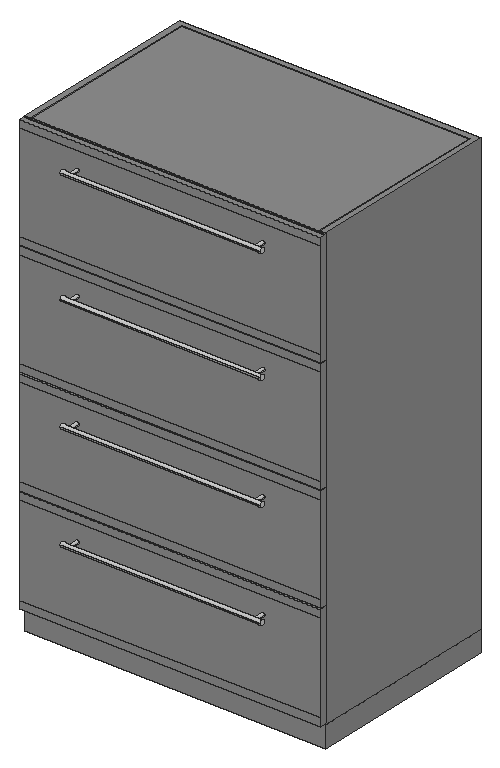
Revit family "Haworth_Masters_FreestandingLateral_3High4High", category Furniture Systems, Revit 2018
Family settings
  Round Connector Dimension = Use Diameter
  Part Type = Normal
  OmniClass Number = 23.40.70.14.64.21
  OmniClass Title = Systems Furniture
  Work Plane-Based = No
  Always vertical = Yes
  Cut with Voids When Loaded = No
  Shared = No
  Room Calculation Point = No
Parameters (values of type "24d 36w 55h")
  Width = 36"
  Warranty = "http://www.haworth.com/resources/product-info/warranties"
  Verify Final Dim. w/ Haworth = "Verify Final Dim. w/ Haworth"  # constant formula
  URL - Product = "https://www.haworth.com/products/desks/freestanding/masters-series"
  URL = "http://www.haworth.com/"
  Top Thickness = 3/4"  # constant formula
  Top Drawer Offset = if(Four High, Drawer 3 Height + 1/8", 0")  # 13 5/8"
  Three High = no
  Sustainability Info = "https://www.haworth.com/company-info/sustainability"
  Standard Widths = "30, 36 in."  # constant formula
  Standard Depths = "19, 24 in."  # constant formula
  Pull Finish [instance] = Haworth _ Metal _ Brushed Aluminum
  Min. Depth = 19"  # constant formula
  Max. Depth = 24"  # constant formula
  Linear Pull = no
  Leg Offset = 0"
  Front Finish [instance] = Haworth _ Paint _ Graphite
  Four High = not(Three High)  # yes
  Finger Pull = not(or(Bar Pull, Linear Pull, Classic Pull))  # no
  Shelf Width = Actual Width - 1 1/2"  # 34 1/2"
  Shelf Depth = Actual Depth - 1 1/2"  # 22 1/2"
  Revision Number = "1"  # constant formula
  Model = "Haworth Masters"  # constant formula
  Min. Width = 30"  # constant formula
  Max. Width = 36"  # constant formula
  Min. Height = 41 5/8"  # constant formula
  Max. Height = 55 5/16"  # constant formula
  Manufacturer = "Haworth"  # constant formula
  Drawer Width = Actual Width  # 36"
  Drawer 4 Height = 13 15/32"  # constant formula
  Drawer 3 Height = if(Three High, 13 15/32", 13 1/2")  # 13 1/2"
  Drawer 2 Height = 12 9/16"  # constant formula
  Drawer 1 Height = 12 9/16"  # constant formula
  Description = "Haworth Masters - Freestanding Lateral File - 4High - 24d 36w"
  Depth = 24"
  Custom Size = not(and(or(Width = 30", Width = 36"), or(Depth = 19", Depth = 24")))  # no
  Classic Pull Length = 8"  # constant formula
  Classic Pull = no
  Cabinet Finish [instance] = Haworth _ Paint _ Graphite
  Bottom Cabinet Height = 15 25/64"  # constant formula
  Base Height = 2 9/16"  # constant formula
  Bar Pull Length = 24"  # constant formula
  Bar Pull = yes
  Author = "Haworth (Alias)"  # constant formula
  Assembly Code = "E2020200"
  Actual Width = if(Width > Max. Width, Max. Width, if(Width < Min. Width, Min. Width, Width))  # 36"
  Actual Height = if(Three High, 41 5/8", 55 5/16")  # 55 5/16"
  Standard Heights = "41 5/8, 55 5/16 in."  # constant formula
  Actual Depth = if(Depth > Max. Depth, Max. Depth, if(Depth < Min. Depth, Min. Depth, Depth))  # 24"
Types (8): name | Width | URL - Product | Top Drawer Offset | Three High | Four High | Shelf Width | Shelf Depth | Drawer Width | Drawer 3 Height | Description | Depth | Actual Width | Actual Height | Actual Depth
  19d 30w 41h | 30" | "http://www.haworth.com/products/desks-and-storage/storage/x-series" | 0" | yes | no | 28 1/2" | 17 1/2" | 30" | 13 15/32" | "Haworth Masters - Freestanding Lateral File - 3High - 19d 30w" | 19" | 30" | 41 5/8" | 19"
  19d 36w 41h | 36" | "http://www.haworth.com/products/desks-and-storage/storage/x-series" | 0" | yes | no | 34 1/2" | 17 1/2" | 36" | 13 15/32" | "Haworth Masters - Freestanding Lateral File - 3High - 19d 36w" | 19" | 36" | 41 5/8" | 19"
  24d 36w 41h | 36" | "http://www.haworth.com/products/desks-and-storage/storage/x-series" | 0" | yes | no | 34 1/2" | 22 1/2" | 36" | 13 15/32" | "Haworth Masters - Freestanding Lateral File - 3High - 24d 36w" | 24" | 36" | 41 5/8" | 24"
  24d 30w 41h | 30" | "http://www.haworth.com/products/desks-and-storage/storage/x-series" | 0" | yes | no | 28 1/2" | 22 1/2" | 30" | 13 15/32" | "Haworth Masters - Freestanding Lateral File - 3High - 24d 30w" | 24" | 30" | 41 5/8" | 24"
  19d 36w 55h | 36" | "http://www.haworth.com/products/desks-and-storage/storage/x-series" | 13 5/8" | no | yes | 34 1/2" | 17 1/2" | 36" | 13 1/2" | "Haworth Masters - Freestanding Lateral File - 4High - 19d 36w" | 19" | 36" | 55 5/16" | 19"
  19d 30w 55h | 30" | "http://www.haworth.com/products/desks-and-storage/storage/x-series" | 13 5/8" | no | yes | 28 1/2" | 17 1/2" | 30" | 13 1/2" | "Haworth Masters - Freestanding Lateral File - 4High - 19d 30w" | 19" | 30" | 55 5/16" | 19"
  24d 30w 55h | 30" | "http://www.haworth.com/products/desks-and-storage/storage/x-series" | 13 5/8" | no | yes | 28 1/2" | 22 1/2" | 30" | 13 1/2" | "Haworth Masters - Freestanding Lateral File - 4High - 24d 30w" | 24" | 30" | 55 5/16" | 24"
  24d 36w 55h | 36" | "https://www.haworth.com/products/desks/freestanding/masters-series" | 13 5/8" | no | yes | 34 1/2" | 22 1/2" | 36" | 13 1/2" | "Haworth Masters - Freestanding Lateral File - 4High - 24d 36w" | 24" | 36" | 55 5/16" | 24"
Reference planes (in)
  plane 1 "Back": y = 0
  plane 2: z = 0
  plane 3 "Center L/R": x = 0
  plane 4 "Left": x = -18
  plane 5 "Right": x = 18
  plane 6 "Back of Drawer": y = -23.25
  plane 7 "Front": y = -24
  plane 8 "Bottom of Top Cabinet": z = 15.39062
  plane 9 "Bottom of Cabinet": z = 0
  plane 10 "feet back": y = -2
  plane 11 "feet front": y = -21.25
  plane 12 "Feet Right": x = 16
  plane 13 "Feet Left": x = -16
  plane 14 "Bottom Drawer": z = 2.5625
  plane 15 "Left Inside": x = -17.25
  plane 16 "Right Inside": x = 17.25
  plane 17 "Center F/B": y = -11.625
  plane 18 "Top": z = 55.3125
  plane 19 "Bottom of Top": z = 54.5625
  plane 20 "Cabinet Back Inside": y = -0.75
Forms (in)
  Extrusion 1, solid, material "Haworth _ Paint _ Graphite" <- "Cabinet Finish"
    sketch origin (0, 0, -18.75) x (1, 0, 0) y (0, 1, 0)
      loop
        line (-18, 0) -> (-18, -23.25) -> (18, -23.25) -> (18, 0) -> (-18, 0)
    from 18.75 to 21.3125
  Extrusion 2, solid, material "Haworth _ Paint _ Graphite" <- "Cabinet Finish"
    sketch origin (0, 0, 21.75) x (1, 0, 0) y (0, 1, 0)
      loop
        line (-17.25, -0.75) -> (-17.25, -23.25) -> (17.25, -23.25) -> (17.25, -0.75) -> (-17.25, -0.75)
    from 32.8125 to 33.5625
  Extrusion 3, solid, material "Haworth _ Paint _ Graphite" <- "Cabinet Finish"
    sketch origin (0, 0, 0) x (1, 0, 0) y (0, 1, 0)
      loop
        line (-18, -23.25) -> (-17.25, -23.25) -> (-17.25, -0.75) -> (17.25, -0.75) -> (17.25, -23.25) -> (18, -23.25) -> (18, 0) -> (-18, 0) -> (-18, -23.25)
    from 2.5625 to 55.3125
Lines and regions (in)
  Masking region 1
    outline origin (0, 0, 0) x (1, 0, 0) y (0, 1, 0)
      loop
        line (-18, 0) -> (-18, -24) -> (18, -24) -> (18, 0) -> (-18, 0)
Dimensions and locks (in)
  locked: plane 6 "Back of Drawer" to plane 7 "Front" at 0.75
  "Actual Depth": plane 1 "Back" to plane 7 "Front"
  "Actual Width": plane 4 "Left" to plane 5 "Right"
  equal spacing: plane 4 "Left", plane 3 "Center L/R", plane 5 "Right"
  locked: plane 12 "Feet Right" to plane 5 "Right" at 2
  locked: plane 4 "Left" to plane 13 "Feet Left" at 2
  locked: plane 11 "feet front" to plane 6 "Back of Drawer" at 2
  locked: plane 1 "Back" to plane 10 "feet back" at 2
  "Base Height": plane 14 "Bottom Drawer" to plane 9 "Bottom of Cabinet"
  "Bottom Cabinet Height": plane 8 "Bottom of Top Cabinet" to plane 9 "Bottom of Cabinet"
  locked: plane 15 "Left Inside" to plane 4 "Left" at 0.75
  locked: plane 5 "Right" to plane 16 "Right Inside" at 0.75
  equal spacing: plane 6 "Back of Drawer", plane 17 "Center F/B", plane 1 "Back"
  locked: nested 1 to plane 14 "Bottom Drawer" at 0.125
  locked: plane 20 "Cabinet Back Inside" to plane 1 "Back" at 0.75
  "Top Thickness": plane 18 "Top" to plane 19 "Bottom of Top"
  locked: nested 2 to nested 1 at 0.125
  "Leg Offset": plane 9 "Bottom of Cabinet" to level
  "Actual Height": plane 18 "Top" to plane 9 "Bottom of Cabinet"
  locked: nested 3 to nested 2 at 0.15625
  "Top Drawer Offset": nested 4 to nested 3
  aligned: plane 3 "Center L/R" to nested 1
  aligned and locked: nested 1 to plane 6 "Back of Drawer"
  aligned: level to plane 2
  aligned: nested 1 to plane 14 "Bottom Drawer"
  aligned and locked: plane 9 "Bottom of Cabinet" to Extrusion 1
  aligned and locked: plane 14 "Bottom Drawer" to Extrusion 1
  aligned and locked: plane 4 "Left" to Extrusion 1 sketch curve
  aligned and locked: plane 5 "Right" to Extrusion 1 sketch curve
  aligned and locked: plane 6 "Back of Drawer" to Extrusion 1 sketch curve
  aligned and locked: plane 1 "Back" to Extrusion 1 sketch curve
  aligned and locked: plane 4 "Left" to nested 2
  aligned and locked: plane 4 "Left" to nested 1
  aligned and locked: plane 18 "Top" to Extrusion 2
  aligned: Extrusion 2 to plane 4 "Left"
  aligned: Extrusion 2 to plane 5 "Right"
  aligned and locked: plane 5 "Right" to Masking region 1 sketch curve
  aligned and locked: Extrusion 2 to plane 19 "Bottom of Top"
  aligned and locked: nested 1 to Extrusion 3 sketch curve
  aligned and locked: plane 1 "Back" to Extrusion 3 sketch curve
  aligned and locked: plane 5 "Right" to Extrusion 3 sketch curve
  aligned and locked: Extrusion 3 to plane 14 "Bottom Drawer"
  aligned and locked: plane 16 "Right Inside" to Extrusion 3 sketch curve
  aligned and locked: Extrusion 3 sketch curve to plane 15 "Left Inside"
  aligned and locked: plane 6 "Back of Drawer" to Extrusion 3 sketch curve  (x2)
  aligned and locked: Extrusion 3 to plane 20 "Cabinet Back Inside"
  aligned: nested 2 to plane 7 "Front"
  aligned and locked: nested 2 to plane 6 "Back of Drawer"
  aligned and locked: Masking region 1 to plane 7 "Front"
  aligned and locked: Masking region 1 to plane 4 "Left"
  aligned and locked: Masking region 1 to plane 1 "Back"
  aligned and locked: plane 6 "Back of Drawer" to Extrusion 2 sketch curve
  aligned and locked: plane 15 "Left Inside" to Extrusion 2 sketch curve
  aligned and locked: Extrusion 2 sketch curve to plane 16 "Right Inside"
  aligned and locked: Extrusion 2 sketch curve to plane 20 "Cabinet Back Inside"
  aligned and locked: plane 18 "Top" to Extrusion 3
  aligned and locked: plane 3 "Center L/R" to nested 4
  aligned and locked: plane 3 "Center L/R" to nested 3
  aligned and locked: nested 3 to plane 6 "Back of Drawer"
  aligned and locked: nested 4 to plane 6 "Back of Drawer"
  aligned and locked: plane 7 "Front" to Masking region 1 sketch curve
  aligned and locked: plane 1 "Back" to Masking region 1 sketch curve
  aligned and locked: plane 4 "Left" to Masking region 1 sketch curve
Automatic sketch dimensions
  plane 1 "Back" to Extrusion 3 sketch curve = 3/4"
Nested families (in)
  nested 1: "Haworth_Masters_Drawer" at (0, -22.98787, 2.6875), Drawer Height <- "Drawer 1 Height", Finger Pull Bottom <- "Finger Pull", type "Haworth_Drawer"
    with Finger Pull Top Distance 0", Finger Pull Top no, Finger Pull Side Distance 3/4", Finger Pull Bottom Distance 0", Finger Pull Bottom no, Drawer Height 12 9/16", Bottom Finger Pull Side Distance 3/4", Drawer Width 36", Classic Pull Length 8", Bar Pull Length 24"
  nested 2: "Haworth_Masters_Drawer" at (0, -22.98787, 15.375), Drawer Height <- "Drawer 2 Height", Finger Pull Bottom <- "Finger Pull", type "Haworth_Drawer"
    with Finger Pull Top Distance 0", Finger Pull Top no, Finger Pull Side Distance 3/4", Finger Pull Bottom Distance 0", Finger Pull Bottom no, Drawer Height 12 9/16", Bottom Finger Pull Side Distance 3/4", Drawer Width 36", Classic Pull Length 8", Bar Pull Length 24"
  nested 3: "Haworth_Masters_Drawer" at (0, -22.98787, 28.09375), Drawer Height <- "Drawer 3 Height", Finger Pull Bottom <- "Finger Pull", type "Haworth_Drawer"
    with Finger Pull Top Distance 0", Finger Pull Top no, Finger Pull Side Distance 3/4", Finger Pull Bottom Distance 0", Finger Pull Bottom no, Drawer Height 13 1/2", Bottom Finger Pull Side Distance 3/4", Drawer Width 36", Classic Pull Length 8", Bar Pull Length 24"
  nested 4: "Haworth_Masters_Drawer" at (0, -22.98787, 41.71875), Drawer Height <- "Drawer 4 Height", visible <- "Four High", Finger Pull Bottom <- "Finger Pull", type "Haworth_Drawer"
    with Finger Pull Top Distance 0", Finger Pull Top no, Finger Pull Side Distance 3/4", Finger Pull Bottom Distance 0", Finger Pull Bottom no, Drawer Height 13 15/32", Bottom Finger Pull Side Distance 3/4", Drawer Width 36", Classic Pull Length 8", Bar Pull Length 24"
Definition of nested family "Haworth_Masters_Drawer"
  Parameters (values of type "Haworth_Drawer")
    Pull Linear = no
    Pull Height = 3"
    Pull Finish = none
    Pull Bar = yes
    Pull Classic = no
    Front Finish = none
    Finger Pull Top Distance [instance] = if(Finger Pull Top, 7/8", 0")  # 7/8"
    Finger Pull Top [instance] = yes
    Finger Pull Side Distance [instance] = if(Finger Pull Top, 1/8", 3/4")  # 1/8"
    Finger Pull Location = 1/8"
    Finger Pull Bottom Distance [instance] = if(Finger Pull Bottom, 7/8", 0")  # 7/8"
    Finger Pull Bottom [instance] = yes
    Drawer Width = 35 7/8"
    Drawer Height [instance] = 18"
    Drawer Finish = none
    Classic Pull Length = 7 1/16"
    Bottom Finger Pull Side Distance [instance] = if(Finger Pull Bottom, 1/8", 3/4")  # 1/8"
    Bar Pull Length = 29 7/8"
    Assembly Code = ""
  Reference planes (in)
    plane 1 "Drawer Back": y = -0.26213
    plane 2: z = 0
    plane 3 "Center L/R": x = 0
    plane 4 "Drawer Front": y = -1.01213
    plane 5 "Left": x = -17.9375
    plane 6 "Right": x = 17.9375
    plane 7 "Top": z = 18
    plane 8: y = -4.26213
    plane 9: y = -3.26213
    plane 10 "Integral Top": z = 14.71875
    plane 11 "Pull Location": z = 15
    plane 12 "Integral Bottom": z = 15.28125
    plane 13: z = 16.75
    plane 14: z = 17.3125
    plane 15: x = -18.0625
    plane 16: x = -18.1875
    plane 17: y = -0.375
    plane 18 "Top Finger Pull Side Offset": y = -0.38713
    plane 19 "Finger Pull Top Offset": z = 17.125
    plane 20 "Bottom Finger Pull Side Offset": y = -0.38713
    plane 21 "Finger Pull Bottom Offset": z = 0.875
    plane 22: z = 0.875
    plane 23: y = -0.38713
    plane 24: z = 17.125
  Forms (in)
    Extrusion 1, solid, material <- "Drawer Finish"
      sketch origin (-17.9375, 0, 2.25) x (0, 1, 0) y (0, 0, 1)
        loop
          line (-0.26213, 15.75) -> (-0.38713, 15.75) -> (-0.38713, 14.875) -> (-1.01213, 14.875) -> (-1.01213, -1.375) -> (-0.38713, -1.375) -> (-0.38713, -2.25) -> (-0.26213, -2.25) -> (-0.26213, 15.75)
      from 0 to 35.875
  Dimensions and locks (in)
    equal spacing: plane 5 "Left", plane 3 "Center L/R", plane 6 "Right"
    "Drawer Width": plane 5 "Left" to plane 6 "Right"
    locked: plane 1 "Drawer Back" to plane 4 "Drawer Front" at 0.75
    "Drawer Height": plane 7 "Top" to level
    locked: plane 8 to plane 1 "Drawer Back" at 4
    locked: plane 8 to plane 9 at 1
    "Pull Height": plane 7 "Top" to plane 11 "Pull Location"
    equal spacing: plane 12 "Integral Bottom", plane 11 "Pull Location", plane 10 "Integral Top"
    locked: plane 12 "Integral Bottom" to plane 10 "Integral Top" at 0.5625
    "Finger Pull Location": plane 15 to plane 16
    locked: plane 5 "Left" to plane 16 at 0.25
    plane 7 "Top" to plane 14 to plane 13 = 11/16" locked, 9/16" locked
    "Finger Pull Top Distance": plane 7 "Top" to plane 19 "Finger Pull Top Offset"
    "Finger Pull Side Distance": plane 1 "Drawer Back" to plane 18 "Top Finger Pull Side Offset"
    locked: plane 22 to level at 0.875
    "Bottom Finger Pull Side Distance": plane 1 "Drawer Back" to plane 20 "Bottom Finger Pull Side Offset"
    "Finger Pull Bottom Distance": plane 21 "Finger Pull Bottom Offset" to level
    plane 1 "Drawer Back" to Extrusion 1 = 3/4"
    locked: plane 1 "Drawer Back" to plane 23 at 0.125
    locked: plane 7 "Top" to plane 24 at 0.875
    aligned and locked: Extrusion 1 to plane 6 "Right"
    aligned and locked: plane 1 "Drawer Back" to Extrusion 1 sketch curve
    aligned and locked: plane 7 "Top" to Extrusion 1 sketch curve
    aligned: plane 7 "Top" to nested 1
    aligned and locked: nested 1 to plane 4 "Drawer Front"
    aligned and locked: nested 1 to plane 11 "Pull Location"
    aligned and locked: plane 3 "Center L/R" to nested 1
    aligned and locked: plane 19 "Finger Pull Top Offset" to Extrusion 1 sketch curve
    aligned and locked: Extrusion 1 sketch curve to plane 18 "Top Finger Pull Side Offset"
    aligned and locked: plane 21 "Finger Pull Bottom Offset" to Extrusion 1 sketch curve
    aligned and locked: plane 20 "Bottom Finger Pull Side Offset" to Extrusion 1 sketch curve
    aligned and locked: plane 23 to Extrusion 1 sketch curve  (x2)
    aligned and locked: plane 22 to Extrusion 1 sketch curve
    aligned and locked: plane 24 to Extrusion 1 sketch curve
  Automatic sketch dimensions
    Extrusion 1 sketch curve to plane 4 "Drawer Front" = 0"
    Extrusion 1 sketch curve to level = 0"
  Nested families (in)
    nested 1: "Haworth_Drawer-Pulls" at (0, -1.01213, 15), type "Pull", detail levels medium+fine
      with Bar Pull Length 29 7/8", Bar Pull yes
  Definition of nested family "Haworth_Drawer-Pulls"
    Parameters
      Linear = no
      Handle Finish = none
      Classic Pull Length = 7 1/16"
      Classic = no
      Bar Pull Length = 10"
      Bar Pull = no
      Assembly Code = ""
    Reference planes (in)
      plane 1 "Center Front/Back": y = 0
      plane 2: z = 0
      plane 3 "Center Left/Right": x = 0
      plane 4: x = -5
      plane 5: x = 5
      plane 6 "left classic": x = -3.53125
      plane 7 "right classic": x = 3.53125
      plane 8: x = 4.125
      plane 9: x = -4.125
      plane 10: x = -4
      plane 11: x = 4
    Forms (in)
      Extrusion 1, solid, material <- "Handle Finish", visible <- "Linear"
        sketch origin (0, 0, 0.125) x (1, 0, 0) y (0, 1, 0)
          loop
            line (-4, 0) -> (-4, -1.25) -> (4, -1.25) -> (4, 0) -> (3, 0) -> (3, -1) -> (-3, -1) -> (-3, 0) -> (-4, 0)
        from 0 to -0.25
      Extrusion 2, solid, material <- "Handle Finish", visible <- "Classic"
        sketch origin (0, 0, 0.375) x (1, 0, 0) y (0, 0, 1)
          loop
            line (-3.53125, 0) -> (-3.53125, -0.75)
            arc (-3.53125, -0.75) -> (-3.15625, -0.375) -> (-3.53125, 0) r 0.375
        from 0 to 1
      Extrusion 3, solid, material <- "Handle Finish", visible <- "Classic"
        sketch origin (0, 0, 0.375) x (-1, 0, 0) y (0, 0, -1)
          loop
            arc (-3.53125, 0.00132) -> (-3.15757, 0.375) -> (-3.53125, 0.74868) r 0.37368
            line (-3.53125, 0.74868) -> (-3.53125, 0.00132)
        from 0 to 1
      Extrusion 4, solid, material <- "Handle Finish", visible <- "Classic"
        sketch origin (0, 0, 0.375) x (1, 0, 0) y (0, 0, 1)
          loop
            line (-3.53125, 0) -> (-3.53125, -0.75) -> (3.53125, -0.75) -> (3.53125, 0) -> (-3.53125, 0)
        from 1 to 1.25
      Extrusion 5, solid, material <- "Handle Finish", visible <- "Bar Pull"
        sketch origin (3.78314, -0.03024, -1.5) x (1, 0, 0) y (0, 0, 1)
          loop
            circle (0.34186, 1.5) r 0.1875
        from 0 to 1.21976
      Extrusion 6, solid, material <- "Handle Finish", visible <- "Bar Pull"
        sketch origin (0, 0.03125, 0) x (0, 1, 0) y (0, 0, 1)
          loop
            circle (-1.25, 0) r 0.25
        from -5 to 5
      Extrusion 7, solid, material <- "Handle Finish", visible <- "Bar Pull"
        sketch origin (-1.21686, -0.03024, -1.5) x (1, 0, 0) y (0, 0, 1)
          loop
            circle (-2.90814, 1.5) r 0.1875
        from 0 to 1.21976
    Cuts and joins
      joined: Extrusion 2, Extrusion 3, Extrusion 4
      joined: Extrusion 5, Extrusion 6, Extrusion 7
    Dimensions and locks (in)
      equal spacing: plane 5, plane 3 "Center Left/Right", plane 4
      "Bar Pull Length": plane 5 to plane 4
      equal spacing: plane 6 "left classic", plane 3 "Center Left/Right", plane 7 "right classic"
      "Classic Pull Length": plane 6 "left classic" to plane 7 "right classic"
      locked: plane 5 to plane 8 at 0.875
      locked: plane 9 to plane 4 at 0.875
      equal spacing: plane 10, plane 3 "Center Left/Right", plane 11
      plane 10 to plane 11 = 8"
      locked: Extrusion 1 sketch curve to Extrusion 1 sketch curve at 1  (x2)
      aligned and locked: plane 5 to Extrusion 6
      aligned and locked: Extrusion 6 to plane 4
      aligned and locked: plane 6 "left classic" to Extrusion 4 sketch curve
      aligned and locked: plane 7 "right classic" to Extrusion 4 sketch curve
      aligned and locked: plane 7 "right classic" to Extrusion 3 sketch curve
      aligned and locked: Extrusion 2 sketch curve to plane 6 "left classic"
      aligned and locked: plane 8 to Extrusion 5 sketch curve
      aligned and locked: plane 9 to Extrusion 7 sketch curve
      aligned and locked: plane 10 to Extrusion 1 sketch curve
      aligned and locked: Extrusion 1 sketch curve to plane 11
    Automatic sketch dimensions
      Extrusion 2 sketch curve to level = 0"
      Extrusion 2 sketch curve to level = 3/8"
      Extrusion 3 sketch curve to level = 0"
      level to Extrusion 3 sketch curve = 0.37368"
      Extrusion 4 sketch curve to level = 3/8"
      level to Extrusion 4 sketch curve = 3/8"
      level to Extrusion 5 sketch curve = 0"
      level to Extrusion 6 sketch curve = 0"
      plane 1 "Center Front/Back" to Extrusion 6 sketch curve = 1 7/32"
      level to Extrusion 7 sketch curve = 0"
      plane 1 "Center Front/Back" to Extrusion 1 sketch curve = 0"  (x2)
      plane 1 "Center Front/Back" to Extrusion 1 sketch curve = 1"
      Extrusion 1 sketch curve to Extrusion 1 sketch curve = 1/4"
      radius of Extrusion 5 sketch curve = 3/16"
      radius of Extrusion 6 sketch curve = 1/4"
      radius of Extrusion 7 sketch curve = 3/16"
